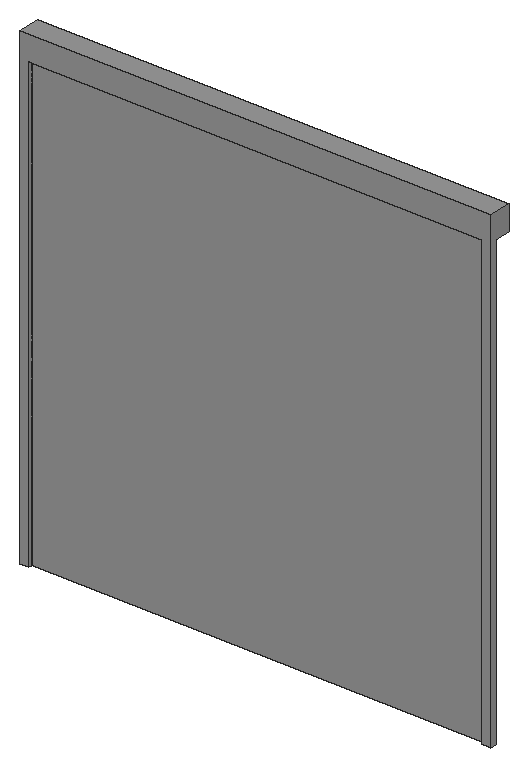
Revit family "protivipozarnae_stora_firetechnics_ei60_120_bez_orachenia_vodoi", category Двери, Revit 2018
Family settings
  Основа = Стена
  Номер OmniClass = 23.30.10.00
  Заголовок OmniClass = Doors
  Всегда вертикально = Да
  При загрузке вырезать с полостями = Нет
  Общий = Нет
  Точка расчета площади = Нет
Parameters (values of type "EI120 (без орошения водой)")
  ширина полотна = Width + 20 mm  # 4020 mm
  ширина верхней балки = 200 mm  # constant formula
  высота направляющей = 60 mm  # constant formula
  Ширина, макс. = "5м"  # constant formula
  Ширина направляющей = 80 mm  # constant formula
  Функция = Внутренние слои
  Скорость опускания шторы = "0,15м/c"  # constant formula
  Разработано = "support@bimlib.ru"  # constant formula
  Полотно_Размещение = высота направляющей / 2  # 30 mm
  Полотно открыто [instance] = yes
  Полотно = 1 mm  # constant formula
  Огнестойкость = "EI120\\"
  Материал_Полотно = Firetex™ 1100
  Материал_Направляющие = Сталь_оцинкованная_листовая Firetechnics
  Материал_Короб = Сталь_оцинкованная_листовая_2мм_Firetechnics
  Комментарии к типоразмеру = "Без орошения водой"
  Изготовитель = "Firetechnics"  # constant formula
  Высота, макс. = "6.5м"  # constant formula
  Высота короба = 220 mm  # constant formula
  Height = ADSK_Размер_Высота  # 4000 mm
  Замыкание стены = По основе
  Width = ADSK_Размер_Ширина  # 4000 mm
  Аналитическая конструкция = "<Нет>"
  URL = "https://www.fire-tec.ru"
  ADSK_Размер_Ширина = 4000 mm
  ADSK_Размер_Высота = 4000 mm
  ADSK_Примечание [instance] = ""
  ADSK_Предел огнестойкости = "EI120"
  ADSK_Позиция [instance] = ""
  ADSK_Обозначение = ""
  ADSK_Наименование = "Противопожарная штора FireTechnics E120 (без орошения водой)"
  ADSK_Масса_Текст = ""
  ADSK_Завод-изготовитель = Изготовитель  # "Firetechnics"
  ADSK_Единица измерения = ""
  ADSK_URL страницы изделия = "https://www.fire-tec.ru/catalog/protivopozharnye-shtory/protivopozharnye-shtory-ei-60-ei-90-ei-120-bez-orosheniya/"
  ADSK_URL документации изделия = ""
Types (3, lengths in mm): name | Огнестойкость | ADSK_Предел огнестойкости | ADSK_Наименование
  EI90 (без орошения водой) | "EI90" | "EI90" | "Противопожарная штора FireTechnics EI90 (без орошения водой)"
  EI60 (без орошения водой) | "EI60" | "EI60" | "Противопожарная штора FireTechnics EI60 (без орошения водой)"
  EI120 (без орошения водой) | "EI120\\" | "EI120" | "Противопожарная штора FireTechnics E120 (без орошения водой)"
Reference planes
  plane 1: y = 0
  plane 2 "По центру (Влево/Вправо)": x = 0
  plane 3 "Слева": x = -2000
  plane 4 "Справа": x = 2000
  plane 5: z = 4000
  plane 6 "Наружный": y = 75
  plane 7 "Внутренние": y = -75
  plane 8: x = -2080
  plane 9: x = 2080
  plane 10: y = 135
  plane 11: y = 275
  plane 12: y = 106
  plane 13: y = 105
  plane 14: x = 2010
  plane 15: x = -2010
  plane 16: z = 4220
Forms (mm)
  Extrusion 1, solid, material "Сталь_оцинкованная_листовая Firetechnics" <- "Материал_Направляющие"
    sketch origin (0, 0, 0) x (1, 0, 0) y (0, 1, 0)
      loop
        line (-2000, 106) -> (-2000, 135) -> (-2080, 135) -> (-2080, 75) -> (-2000, 75) -> (-2000, 105) -> (-2010, 105) -> (-2010, 106) -> (-2000, 106)
    from 0 to 4000
  Extrusion 2, solid, material "Сталь_оцинкованная_листовая Firetechnics" <- "Материал_Направляющие"
    sketch origin (0, 0, 0) x (-1, 0, 0) y (0, -1, 0)
      loop
        line (-2000, -106) -> (-2010, -106) -> (-2010, -105) -> (-2000, -105) -> (-2000, -75) -> (-2080, -75) -> (-2080, -135) -> (-2000, -135) -> (-2000, -106)
    from 0 to 4000
  Extrusion 3, void
    sketch origin (0, 0, 0) x (1, 0, 0) y (0, 1, 0)
      loop
        line (-2000, -75) -> (2000, -75) -> (2000, 75) -> (2235, 75) -> (2235, 275) -> (-2185, 275) -> (-2185, 75) -> (-2000, 75) -> (-2000, -75)
    from 0 to 4000
  Extrusion 4, solid, material "Firetex™ 1100" <- "Материал_Полотно", visible <- "Полотно открыто"
    sketch origin (0, 0, 0) x (1, 0, 0) y (0, 1, 0)
      loop
        line (-2010, 106) -> (-2010, 105) -> (2010, 105) -> (2010, 106) -> (-2010, 106)
    from 0 to 4000
  Extrusion 5, solid, material "Сталь_оцинкованная_листовая Firetechnics" <- "Материал_Направляющие"
    sketch origin (0, 0, 0) x (1, 0, 0) y (0, 1, 0)
      loop
        line (-2080, 275) -> (-2080, 75) -> (2080, 75) -> (2080, 275) -> (-2080, 275)
    from 4000 to 4220
Cuts and joins
  joined: Extrusion 1, Extrusion 2, Extrusion 5
Lines and regions (mm)
  symbolic lines, style "Doors"
    curve 1: line (-2010, 135, 0) -> (-2010, 75, 0)
    curve 2: line (2010, 135, 0) -> (2010, 75, 0)
  symbolic lines, style "Doors", visible <- "Полотно открыто"
    curve 3: line (-2010, 106, 0) -> (2010, 106, 0)
Text (mm)
  text "Наружный" at (-2295.016, 1099.543, 0), in view "Опорный уровень"
  text "Наружный" at (0, 1615.38, 3698.081), in view "Слева"
  text "Наружный" at (0, 1036.032, 3874.932), in view "Справа"
Dimensions and locks
  equal spacing: plane 3 "Слева", plane 2 "По центру (Влево/Вправо)", plane 4 "Справа"
  "Width": plane 3 "Слева" to plane 4 "Справа"
  "Height": plane 5 to host wall
  host wall to plane 5 = 4000 mm  (x2)
  locked: plane 6 "Наружный" to host wall at 0
  locked: plane 7 "Внутренние" to host wall
  "Высота короба": plane 5 to plane 16
  "Ширина направляющей": plane 8 to plane 3 "Слева"
  "Ширина направляющей": plane 4 "Справа" to plane 9
  "Полотно_Размещение": plane 6 "Наружный" to plane 13
  "Полотно": plane 12 to plane 13
  "высота направляющей": plane 6 "Наружный" to plane 10
  "ширина верхней балки": plane 6 "Наружный" to plane 11
  equal spacing: plane 15, plane 2 "По центру (Влево/Вправо)", plane 14
  "ширина полотна": plane 15 to plane 14
  aligned and locked: host wall to plane 1
  aligned and locked: Extrusion 1 sketch curve to plane 12
  aligned and locked: plane 13 to Extrusion 1 sketch curve
  aligned and locked: plane 10 to Extrusion 1 sketch curve
  aligned and locked: Extrusion 1 sketch curve to plane 3 "Слева"  (x2)
  aligned and locked: Extrusion 1 sketch curve to plane 8
  aligned and locked: plane 6 "Наружный" to Extrusion 1 sketch curve
  aligned and locked: plane 10 to Extrusion 2 sketch curve
  aligned and locked: Extrusion 2 sketch curve to plane 4 "Справа"  (x2)
  aligned and locked: Extrusion 2 sketch curve to plane 12
  aligned and locked: plane 13 to Extrusion 2 sketch curve
  aligned and locked: Extrusion 2 sketch curve to plane 9
  aligned and locked: Extrusion 2 sketch curve to plane 6 "Наружный"
  aligned and locked: plane 15 to Extrusion 1 sketch curve
  aligned and locked: Extrusion 2 to plane 14
  aligned and locked: Extrusion 3 sketch curve to Extrusion 1
  aligned and locked: Extrusion 3 sketch curve to host wall
  aligned and locked: plane 4 "Справа" to Extrusion 3 sketch curve
  aligned and locked: Extrusion 3 to plane 5
  aligned and locked: Extrusion 4 sketch curve to Extrusion 1
  aligned and locked: plane 15 to Extrusion 4 sketch curve
  aligned and locked: Extrusion 4 sketch curve to Extrusion 2  (x2)
  aligned and locked: Extrusion 2 to plane 5
  aligned and locked: Extrusion 1 to plane 5
  aligned and locked: Extrusion 5 to plane 16
  aligned and locked: Extrusion 4 to plane 5
  aligned and locked: plane 5 to Extrusion 5
  aligned and locked: Extrusion 5 to plane 9
  aligned and locked: plane 8 to Extrusion 5
  aligned and locked: curve 3 to plane 12
  aligned and locked: curve 2 to plane 14
Automatic sketch dimensions
  Extrusion 2 sketch curve to Extrusion 2 sketch curve = 10 mm
  Extrusion 3 sketch curve to plane 11 = 0 mm
  Extrusion 3 sketch curve to plane 8 = 105 mm
  plane 9 to Extrusion 3 sketch curve = 155 mm
  Extrusion 3 sketch curve to host wall = 0 mm  (x2)
  Extrusion 5 sketch curve to host wall = 0 mm
  Extrusion 5 sketch curve to plane 8 = 0 mm
  plane 9 to Extrusion 5 sketch curve = 0 mm
  Extrusion 5 sketch curve to plane 11 = 0 mm
  curve 1 to host wall = 0 mm
  curve 2 to host wall = 0 mm
  curve 2 to plane 10 = 0 mm
  curve 1 to plane 10 = 0 mm
  curve 1 to plane 15 = 0 mm
